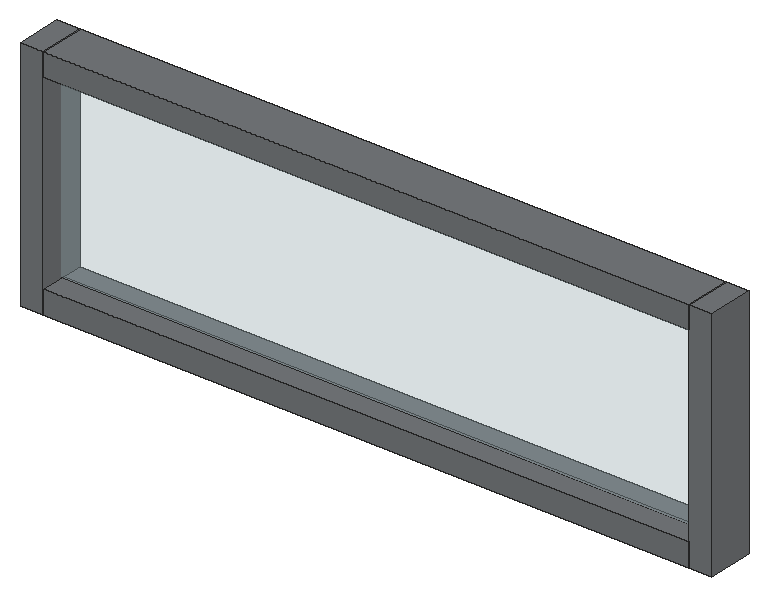
Revit family "LC W04 - A11", category Windows, host Wall, Revit 2027
Family settings
  Host = Wall
  Always vertical = Yes
  Cut with Voids When Loaded = No
  Shared = No
  Room Calculation Point = No
Parameters (values of type "A11 nominal size")
  Height = 514 mm  # constant formula
  Description = "A07/A08 position, A11 overall sizes. Frame50x100 and glazing6mm are visual coordination profiles; manufacturer sections/glazing specification pending. Panel divisions follow schedule appearance, undimensioned divisions provisional."
  Default Sill Height = 0 mm
  Wall Closure = By host
  Width = 1510 mm  # constant formula
Reference planes
  plane 1 "Center (Front/Back)": y = 0
  plane 2 "Center (Left/Right)": x = 0
  plane 3 "Left": x = -755
  plane 4 "Right": x = 755
  plane 5 "Sill": z = 0
  plane 6 "Head": z = 514
  plane 7 "Exterior": y = 100
  plane 8 "Interior": y = -100
Forms (mm)
  Extrusion 1, solid, material "LC Aluminium - charcoal coordination"
    sketch origin (0, 0, 0) x (1, 0, 0) y (0, 1, 0)
      loop
        line (-755, -50) -> (-705, -50) -> (-705, 50) -> (-755, 50) -> (-755, -50)
    from 0 to 514
  Extrusion 2, solid, material "LC Aluminium - charcoal coordination"
    sketch origin (0, 0, 0) x (1, 0, 0) y (0, 1, 0)
      loop
        line (705, -50) -> (755, -50) -> (755, 50) -> (705, 50) -> (705, -50)
    from 0 to 514
  Extrusion 3, solid, material "LC Aluminium - charcoal coordination"
    sketch origin (0, 0, 0) x (1, 0, 0) y (0, 1, 0)
      loop
        line (-705, -50) -> (705, -50) -> (705, 50) -> (-705, 50) -> (-705, -50)
    from 464 to 514
  Extrusion 4, solid, material "LC Aluminium - charcoal coordination"
    sketch origin (0, 0, 0) x (1, 0, 0) y (0, 1, 0)
      loop
        line (-705, -50) -> (705, -50) -> (705, 50) -> (-705, 50) -> (-705, -50)
    from 0 to 50
  Extrusion 5, solid, material "LC Glazing - specification pending"
    sketch origin (0, 0, 0) x (1, 0, 0) y (0, 1, 0)
      loop
        line (-705, -3) -> (705, -3) -> (705, 3) -> (-705, 3) -> (-705, -3)
    from 50 to 464
Lines and regions (mm)
  Opening 1
    outline origin (3500, -100, 0) x (1, 0, 0) y (0, 0, 1)
      loop
        line (-2745, 0) -> (-2745, 514) -> (-4255, 514) -> (-4255, 0) -> (-2745, 0)
Text (mm)
  text "Exterior" at (-1963.203, 1332.353, 0), in view "Ref. Level"
  text "Interior" at (-1981.466, -818.386, 0), in view "Ref. Level"
  text "Exterior" at (0, 923.751, 2943.296), in view "Right"
  text "Exterior" at (0, 1040.484, 2685.409), in view "Left"
Dimensions and locks
  equal spacing: plane 3 "Left", plane 2 "Center (Left/Right)", plane 4 "Right"
  "Width": plane 3 "Left" to plane 4 "Right"
  "Height": plane 5 "Sill" to plane 6 "Head"
  "Default Sill Height": plane 5 "Sill" to level
  locked: plane 7 "Exterior" to host wall
  locked: plane 8 "Interior" to host wall
Automatic sketch dimensions
  Opening 1 sketch curve to plane 3 "Left" = 0 mm
  Opening 1 sketch curve to plane 4 "Right" = 0 mm
  Opening 1 sketch curve to plane 5 "Sill" = 0 mm
  Opening 1 sketch curve to plane 6 "Head" = 0 mm
  Extrusion 1 sketch curve to plane 3 "Left" = 0 mm
  Extrusion 1 sketch curve to Extrusion 1 sketch curve = 50 mm
  host wall to Extrusion 1 sketch curve = 50 mm
  Extrusion 1 sketch curve to host wall = 50 mm
  Extrusion 2 sketch curve to plane 4 "Right" = 0 mm
  plane 4 "Right" to Extrusion 2 sketch curve = 50 mm
  host wall to Extrusion 2 sketch curve = 50 mm
  Extrusion 2 sketch curve to host wall = 50 mm
  Extrusion 3 sketch curve to plane 3 "Left" = 50 mm
  plane 4 "Right" to Extrusion 3 sketch curve = 50 mm
  host wall to Extrusion 3 sketch curve = 50 mm
  Extrusion 3 sketch curve to host wall = 50 mm
  Extrusion 4 sketch curve to plane 3 "Left" = 50 mm
  plane 4 "Right" to Extrusion 4 sketch curve = 50 mm
  host wall to Extrusion 4 sketch curve = 50 mm
  Extrusion 4 sketch curve to host wall = 50 mm
  host wall to Extrusion 5 sketch curve = 3 mm
  Extrusion 5 sketch curve to plane 3 "Left" = 50 mm
  Extrusion 5 sketch curve to host wall = 3 mm
  plane 4 "Right" to Extrusion 5 sketch curve = 50 mm
